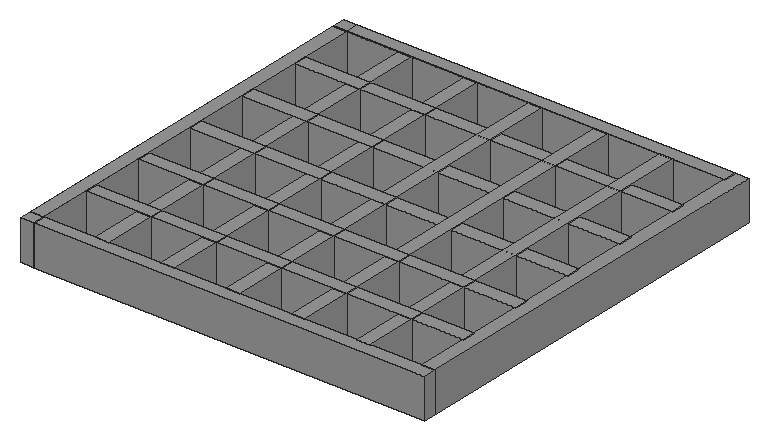
Revit family "6113-4", category Generic Models, host Ceiling, Revit 2023
Family settings
  Host = Ceiling
  Can host rebar = No
  Round Connector Dimension = Use Diameter
  Part Type = Normal
  Always vertical = Yes
  Cut with Voids When Loaded = No
  Maintain Annotation Orientation = No
  Shared = No
  Room Calculation Point = No
Parameters (values of type "6112-3")
  MEMBER THICKNESS [instance] = 0' - 0 3/4"
  Default Elevation = 0' - 0"
  Cube Depth [instance] = 0' - 2 1/4"  # constant formula
  CELL COUNT [instance] = 6  # constant formula
  .. Member Material [instance] = 9WOOD WALNUT
Types (3): name
  (no name)
  6112-3
  6113-3
Reference planes (in)
  plane 1 "Center (Front/Back)": y = 0
  plane 2 "Ceiling": z = 96
  plane 3 "Center (Left/Right)": x = 0
Dimensions and locks (in)
  equal spacing: host sketch curve, plane 3 "Center (Left/Right)", host sketch curve
  equal spacing: host sketch curve, plane 1 "Center (Front/Back)", host sketch curve
  host sketch curve to host sketch curve = 10' - 0"  (x2)
  aligned and locked: host ceiling to nested 1
Nested families (in)
  nested 1: "6100 Start" at (-406.11614, -294.13883, 72.37482), Actual Depth <- "Cube Depth", Member Material <- ".. Member Material", MEMBER COUNT <- "CELL COUNT", MEMBER THICKNESS <- "MEMBER THICKNESS", type "6100 Start"
    with W1 CALC 1' - 10 1/4", T1 1' - 9 1/2", Member Material 9WOOD WALNUT, MEMBER THICKNESS 0' - 0 3/4", MEMBER COUNT 6, D2 TYP 0' - 3.70833", Actual Depth 0' - 2 1/4", .. Half Member Width 0' - 0 3/8"
Definition of nested family "6100 Start"
  Parameters (values of type "6100 Start")
    W1 CALC [instance] = 1' 9 1/2" + MEMBER THICKNESS  # 1' - 10 1/8"
    T1 [instance] = 1' - 9 1/2"  # constant formula
    Member Material [instance] = none
    .. Half Member Width [instance] = MEMBER THICKNESS / 2  # 0' - 0 5/16"
    Actual Depth [instance] = 0' - 2 1/4"
    MEMBER THICKNESS [instance] = 0' - 0 5/8"
    Default Elevation = 0' - 2 25/32"
    D2 TYP [instance] = (T1 + MEMBER THICKNESS) / MEMBER COUNT  # 0' - 5 17/32"
    MEMBER COUNT [instance] = 4
  Reference planes (in)
    plane 1 "Center (Front/Back)": y = 286.63756
    plane 2: z = 0
    plane 3 "Center (Left/Right)": x = 398.71958
    plane 4: y = 308.88756
    plane 5: x = 420.96958
    plane 6: x = 399.46958
    plane 7: y = 287.38756
    plane 8: x = 420.96958
    plane 9: x = 420.96958
    plane 10: z = 23.62518
    plane 11: x = 399.46958
    plane 12: y = 309.20006
    plane 13: y = 303.66881
    plane 14: x = 399.15708
    plane 15: x = 404.68833
  Dimensions and locks (in)
    "T1": plane 4 to plane 7
    "T1": plane 6 to plane 5
    ".. Half Member Width": plane 14 to plane 6
    ".. Half Member Width": plane 12 to plane 4
    "D2 TYP": plane 12 to plane 13
    "D2 TYP": plane 14 to plane 15
    equal spacing: group 1, group 3, group 4, group 7  (x2)
    equal spacing: group 7, group 4, group 3, group 1
    equal spacing: group 2, group 5, group 6, group 8
    equal spacing: group 8, group 6, group 5, group 2  (x2)
    aligned and locked: plane 2 to level
    aligned and locked: plane 4 to nested 1  (x2)
    aligned and locked: plane 5 to nested 2
    aligned and locked: plane 7 to nested 3
    aligned and locked: nested 3 to plane 6
    aligned and locked: nested 4 to plane 8
    aligned and locked: nested 4 to plane 7
    aligned and locked: nested 5 to plane 4
    aligned and locked: nested 5 to plane 9
    aligned and locked: plane 6 to nested 6
    aligned and locked: plane 4 to nested 6
    aligned and locked: plane 10 to nested 2
    aligned and locked: nested 5 to plane 10
    aligned and locked: nested 3 to plane 10
    aligned and locked: nested 6 to plane 10
    aligned and locked: nested 4 to plane 10
    aligned and locked: plane 11 to nested 6
    aligned and locked: plane 14 to nested 1
    aligned and locked: plane 15 to nested 7
    aligned and locked: nested 2 to plane 12
    aligned and locked: nested 9 to plane 13
    aligned and locked: plane 10 to nested 12
    aligned and locked: plane 10 to nested 11
    aligned and locked: plane 10 to nested 8
  Nested families (in)
    nested 1: "Only Box" at (399.15708, 298.13756, 21.37518), Width <- "MEMBER THICKNESS", Length <- "T1", Depth <- "Actual Depth", Material <- "Member Material", type "Only Box"
      with Width 0' - 0 5/8", Material none, Length 1' - 9 1/2", Depth 0' - 2 1/4"
    nested 2: "Only Box" at (410.21958, 309.20006, 21.37518), Length <- "MEMBER THICKNESS", Depth <- "Actual Depth", Material <- "Member Material", type "Only Box"
      with Width 1' - 9 1/2", Material none, Length 0' - 0 5/8", Depth 0' - 2 1/4"
    nested 3: "Only Box 2" at (438.46958, 259.37199, 23.62518) x (0, -1, 0) z (0, 0, 1), Depth <- "Actual Depth", Length <- "MEMBER THICKNESS", Material <- "Member Material", Width <- "W1 CALC", type "Only Box 2"
      with Width 1' - 10 1/8", Material none, Length 0' - 0 5/8", Depth 0' - 2 1/4"
    nested 4: "Only Box 2" at (448.98515, 326.38756, 23.62518), Depth <- "Actual Depth", Length <- "MEMBER THICKNESS", Material <- "Member Material", Width <- "W1 CALC", type "Only Box 2"
      with Width 1' - 10 1/8", Material none, Length 0' - 0 5/8", Depth 0' - 2 1/4"
    nested 5: "Only Box 2" at (381.96958, 336.90313, 23.62518) x (0, 1, 0) z (0, 0, 1), Depth <- "Actual Depth", Length <- "MEMBER THICKNESS", Material <- "Member Material", Width <- "W1 CALC", type "Only Box 2"
      with Width 1' - 10 1/8", Material none, Length 0' - 0 5/8", Depth 0' - 2 1/4"
    nested 6: "Only Box 2" at (371.45401, 269.88756, 23.62518) x (-1, 0, 0) z (0, 0, 1), Depth <- "Actual Depth", Length <- "MEMBER THICKNESS", Material <- "Member Material", Width <- "W1 CALC", type "Only Box 2"
      with Width 1' - 10 1/8", Material none, Length 0' - 0 5/8", Depth 0' - 2 1/4"
    nested 7: "Only Box" at (404.68833, 298.13756, 21.37518), Width <- "MEMBER THICKNESS", Length <- "T1", Depth <- "Actual Depth", Material <- "Member Material", type "Only Box"
      with Width 0' - 0 5/8", Material none, Length 1' - 9 1/2", Depth 0' - 2 1/4"
    nested 8: "Only Box" at (410.21958, 298.13756, 21.37518), Width <- "MEMBER THICKNESS", Length <- "T1", Depth <- "Actual Depth", Material <- "Member Material", type "Only Box"
      with Width 0' - 0 5/8", Material none, Length 1' - 9 1/2", Depth 0' - 2 1/4"
    nested 9: "Only Box" at (410.21958, 303.66881, 21.37518), Length <- "MEMBER THICKNESS", Depth <- "Actual Depth", Material <- "Member Material", type "Only Box"
      with Width 1' - 9 1/2", Material none, Length 0' - 0 5/8", Depth 0' - 2 1/4"
    nested 10: "Only Box" at (410.21958, 298.13756, 21.37518), Length <- "MEMBER THICKNESS", Depth <- "Actual Depth", Material <- "Member Material", type "Only Box"
      with Width 1' - 9 1/2", Material none, Length 0' - 0 5/8", Depth 0' - 2 1/4"
    nested 11: "Only Box" at (415.75083, 298.13756, 21.37518), Width <- "MEMBER THICKNESS", Length <- "T1", Depth <- "Actual Depth", Material <- "Member Material", type "Only Box"
      with Width 0' - 0 5/8", Material none, Length 1' - 9 1/2", Depth 0' - 2 1/4"
    nested 12: "Only Box" at (410.21958, 292.60631, 21.37518), Length <- "MEMBER THICKNESS", Depth <- "Actual Depth", Material <- "Member Material", type "Only Box"
      with Width 1' - 9 1/2", Material none, Length 0' - 0 5/8", Depth 0' - 2 1/4"
  Definition of nested family "Only Box"
    Parameters
      Width [instance] = 4' - 8.03114"
      Material [instance] = none
      Length [instance] = 6' - 6"
      Depth [instance] = 2' - 8"
      Default Elevation = 0' - 0"
    Reference planes (in)
      plane 1 "Center (Front/Back)": y = 0
      plane 2: z = 0
      plane 3 "Center (Left/Right)": x = 0
      plane 4: x = -28.01557
      plane 5: x = 28.01557
      plane 6: y = 39
      plane 7: y = -39
      plane 8: z = 32
    Forms (in)
      Extrusion 1, solid, material <- "Material"
        sketch origin (0, 0, 0) x (1, 0, 0) y (0, 1, 0)
          loop
            line (-28.01557, 39) -> (-28.01557, -39) -> (28.01557, -39) -> (28.01557, 39) -> (-28.01557, 39)
        from 0 to 32
    Dimensions and locks (in)
      equal spacing: plane 6, plane 1 "Center (Front/Back)", plane 7
      equal spacing: plane 4, plane 3 "Center (Left/Right)", plane 5
      "Width": plane 4 to plane 5
      "Length": plane 6 to plane 7
      "Depth": plane 8 to level
      aligned and locked: plane 2 to level
      aligned and locked: Extrusion 1 sketch curve to plane 6
      aligned and locked: plane 4 to Extrusion 1 sketch curve
      aligned and locked: plane 7 to Extrusion 1 sketch curve
      aligned and locked: Extrusion 1 sketch curve to plane 5
      aligned and locked: plane 8 to Extrusion 1
      aligned and locked: Extrusion 1 to level
  Definition of nested family "Only Box 2"
    Parameters (values of type "Only Box 2")
      Width [instance] = 4' - 8.03114"
      Material [instance] = none
      Length [instance] = 6' - 6"
      Depth [instance] = 2' - 8"
      Default Elevation = 0' - 0"
    Reference planes (in)
      plane 1 "Center (Front/Back)": y = 39
      plane 2: z = 0
      plane 3 "Center (Left/Right)": x = -28.01557
      plane 4: x = 49.98443
      plane 5: y = -17.03114
      plane 6: z = -32
      plane 7: x = 10.98443
      plane 8: y = 10.98443
    Forms (in)
      Extrusion 1, solid, material <- "Material"
        sketch origin (0, 0, 0) x (1, 0, 0) y (0, 1, 0)
          loop
            line (-28.01557, 39) -> (-28.01557, -17.03114) -> (49.98443, -17.03114) -> (49.98443, 39) -> (-28.01557, 39)
        from 0 to -32
    Dimensions and locks (in)
      "Length": plane 3 "Center (Left/Right)" to plane 4
      "Width": plane 5 to plane 1 "Center (Front/Back)"
      "Depth": level to plane 6
      equal spacing: plane 3 "Center (Left/Right)", plane 7, plane 4
      equal spacing: plane 1 "Center (Front/Back)", plane 8, plane 5
      aligned and locked: plane 2 to level
      aligned and locked: Extrusion 1 to level
      aligned and locked: Extrusion 1 to plane 3 "Center (Left/Right)"
      aligned and locked: Extrusion 1 to plane 1 "Center (Front/Back)"
      aligned and locked: plane 4 to Extrusion 1
      aligned and locked: Extrusion 1 to plane 5
      aligned and locked: Extrusion 1 to plane 6
    Automatic sketch dimensions
      Extrusion 1 sketch curve to plane 1 "Center (Front/Back)" = 0' - 0"
      plane 1 "Center (Front/Back)" to Extrusion 1 sketch curve = 4' - 8.03114"
      Extrusion 1 sketch curve to plane 3 "Center (Left/Right)" = 0' - 0"
      plane 3 "Center (Left/Right)" to Extrusion 1 sketch curve = 6' - 6"
